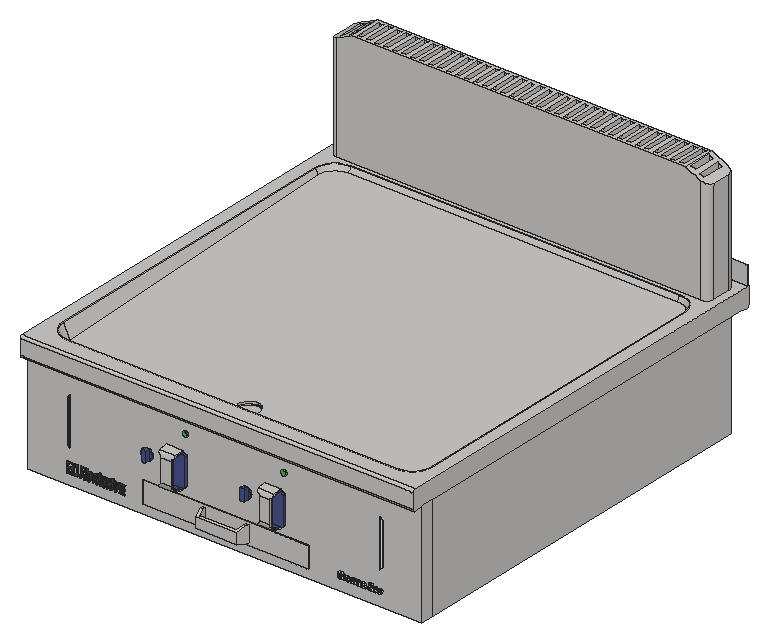
Revit family "QF_ELECTROLUXPROFESSIONAL_593108_MBHMBBHOVO", category Specialty Equipment, Revit 2014 (continued)
Definition of nested family "Front_Panel_W800_Two Knobs_2Spie_Manop"
  Definition of nested family "ELX_ThermaLine_Small"
    Reference planes
      plane 1 "Centro (Fronte/Retro)": y = 0
      plane 2: z = 0
      plane 3 "Centro (Sinistra/Destra)": x = 0
    Forms (mm)
      Extrusion 1, solid
        sketch origin (0, 0, 0) x (1, 0, 0) y (0, 1, 0)
          loop
            line (-1219.2, 1219.2) -> (-1219.2, -1219.2) -> (1219.2, -1219.2) -> (1219.2, 1219.2) -> (-1219.2, 1219.2)
        from 0 to -304.8
      Extrusion 2, solid, material "QF_Finishes_White"
        sketch origin (0, 0, 0) x (1, 0, 0) y (0, 1, 0)
          loop
            line (-37.494, 1.229) -> (-35.908, 1.229) -> (-35.908, 3.066) -> (-37.494, 3.066) -> (-37.494, 6.221) -> (-39.867, 4.881) -> (-39.867, 3.066) -> (-40.969, 3.066) -> (-40.969, 1.229) -> (-39.867, 1.229) -> (-39.867, -3.407)
            arc (-39.867, -3.407) -> (-38.982, -5.513) -> (-36.751, -6.001) r 2.478
            line (-36.751, -6.001) -> (-35.638, -5.7) -> (-35.9, -3.835) -> (-36.661, -4.039)
            arc (-36.661, -4.039) -> (-37.236, -3.924) -> (-37.494, -3.399) r 0.662
            line (-37.494, -3.399) -> (-37.494, 1.229)
          loop
            line (-34.242, 6.539) -> (-34.242, -5.848) -> (-31.854, -5.848) -> (-31.854, -0.078)
            arc (-31.854, -0.078) -> (-30.939, 1.249) -> (-29.33, 1.367) r 1.866
            arc (-29.33, 1.367) -> (-28.695, 0.768) -> (-28.461, -0.073) r 1.627
            line (-28.461, -0.073) -> (-28.461, -5.848) -> (-26.086, -5.848) -> (-26.064, -0.46)
            arc (-26.064, -0.46) -> (-26.261, 0.932) -> (-26.786, 2.237) r 5.825
            arc (-26.786, 2.237) -> (-29.381, 3.264) -> (-31.854, 1.971) r 3.353
            line (-31.854, 1.971) -> (-31.854, 6.539) -> (-34.242, 6.539)
          loop
            arc (-18.398, -0.598) -> (-18.893, 0.879) -> (-20.326, 1.487) r 1.897
            arc (-20.326, 1.487) -> (-21.461, 0.708) -> (-21.897, -0.598) r 2.164
            line (-21.897, -0.598) -> (-18.398, -0.598)
          loop
            arc (-16.021, -2.044) -> (-16.754, 1.227) -> (-19.444, 3.226) r 4.814
            arc (-19.444, 3.226) -> (-22.137, 2.788) -> (-23.943, 0.743) r 4.054
            arc (-23.943, 0.743) -> (-24.382, -1.249) -> (-24.162, -3.276) r 6.289
            arc (-24.162, -3.276) -> (-23.302, -4.71) -> (-21.958, -5.705) r 4.28
            arc (-21.958, -5.705) -> (-18.558, -5.814) -> (-16.152, -3.409) r 4.28
            line (-16.152, -3.409) -> (-18.5, -2.995)
            arc (-18.5, -2.995) -> (-19.273, -3.994) -> (-20.533, -4.076) r 1.536
            arc (-20.533, -4.076) -> (-21.56, -3.281) -> (-21.958, -2.044) r 2.197
            line (-21.958, -2.044) -> (-16.021, -2.044)
          loop
            line (-14.165, -5.848) -> (-11.819, -5.848) -> (-11.819, -2.138)
            arc (-11.819, -2.138) -> (-11.787, -1.156) -> (-11.637, -0.185) r 8.18
            arc (-11.637, -0.185) -> (-10.644, 0.972) -> (-9.132, 0.776) r 1.603
            line (-9.132, 0.776) -> (-8.419, 2.846)
            arc (-8.419, 2.846) -> (-10.432, 3.118) -> (-11.994, 1.821) r 2.527
            line (-11.994, 1.821) -> (-11.994, 3.094) -> (-14.165, 3.094) -> (-14.165, -5.848)
          loop
            line (-7.579, 3.094) -> (-7.579, -5.848) -> (-5.178, -5.848) -> (-5.178, -0.756)
            arc (-5.178, -0.756) -> (-4.727, 0.679) -> (-3.417, 1.419) r 2.05
            arc (-3.417, 1.419) -> (-2.499, 0.908) -> (-2.155, -0.085) r 1.471
            line (-2.155, -0.085) -> (-2.155, -5.848) -> (0.23, -5.848) -> (0.23, -1.001)
            arc (0.23, -1.001) -> (0.47, 0.127) -> (1.148, 1.061) r 2.775
            arc (1.148, 1.061) -> (2.225, 1.329) -> (3.05, 0.587) r 1.182
            arc (3.05, 0.587) -> (3.199, -0.019) -> (3.214, -0.642) r 2.894
            line (3.214, -0.642) -> (3.214, -5.848) -> (5.601, -5.848) -> (5.601, 0.261)
            arc (5.601, 0.261) -> (4.87, 2.263) -> (2.976, 3.241) r 2.932
            arc (2.976, 3.241) -> (1.284, 2.973) -> (-0.047, 1.896) r 3.309
            arc (-0.047, 1.896) -> (-1.116, 2.865) -> (-2.506, 3.258) r 3.16
            arc (-2.506, 3.258) -> (-4.105, 2.942) -> (-5.376, 1.92) r 3.419
            line (-5.376, 1.92) -> (-5.376, 3.094) -> (-7.579, 3.094)
          loop
            line (7.583, 0.738) -> (9.702, 0.364)
            arc (9.702, 0.364) -> (11.441, 1.492) -> (12.855, -0.023) r 1.613
            line (12.855, -0.023) -> (9.782, -0.789)
            arc (9.782, -0.789) -> (8.559, -1.346) -> (7.617, -2.305) r 3.687
            arc (7.617, -2.305) -> (7.499, -3.681) -> (7.901, -5.003) r 3.651
            arc (7.901, -5.003) -> (9.107, -5.766) -> (10.515, -6.006) r 3.635
            arc (10.515, -6.006) -> (11.898, -5.697) -> (13.067, -4.895) r 3.734
            line (13.067, -4.895) -> (13.376, -5.848) -> (15.75, -5.848) -> (15.212, -4.193) -> (15.212, 0.38)
            arc (15.212, 0.38) -> (14.897, 1.849) -> (13.818, 2.895) r 2.585
            arc (13.818, 2.895) -> (11.792, 3.442) -> (9.719, 3.11) r 5.005
            arc (9.719, 3.11) -> (8.369, 2.178) -> (7.583, 0.738) r 3.54
          loop
            line (19.723, -5.848) -> (22.233, -5.848) -> (24.854, 6.484) -> (22.345, 6.484) -> (19.723, -5.848)
          loop
            line (24.583, -5.848) -> (26.953, -5.848) -> (28.848, 3.066) -> (26.478, 3.066) -> (24.583, -5.848)
          loop
            line (27.204, 6.484) -> (26.741, 4.305) -> (29.111, 4.305) -> (29.575, 6.484) -> (27.204, 6.484)
          loop
            line (29.355, -5.848) -> (31.849, -5.848) -> (33.098, 0.028)
            arc (33.098, 0.028) -> (34.169, 1.306) -> (35.832, 1.422) r 2.132
            arc (35.832, 1.422) -> (36.324, 0.752) -> (36.383, -0.078) r 1.5
            line (36.383, -0.078) -> (35.157, -5.848) -> (37.536, -5.848) -> (38.936, 0.738)
            arc (38.936, 0.738) -> (38.775, 2.091) -> (37.825, 3.066) r 2.118
            arc (37.825, 3.066) -> (35.392, 3.175) -> (33.295, 1.937) r 4.271
            line (33.295, 1.937) -> (33.535, 3.066) -> (31.25, 3.066) -> (29.355, -5.848)
          loop
            line (42.792, -0.64) -> (46.589, -0.64)
            arc (46.589, -0.64) -> (46.639, 0.124) -> (46.327, 0.823) r 1.589
            arc (46.327, 0.823) -> (45.117, 1.521) -> (43.762, 1.183) r 1.865
            arc (43.762, 1.183) -> (43.141, 0.344) -> (42.792, -0.64) r 3.538
          loop
            line (42.565, -2.138) -> (48.593, -2.138)
            arc (48.593, -2.138) -> (48.58, 0.597) -> (46.983, 2.818) r 4.494
            arc (46.983, 2.818) -> (44.191, 3.28) -> (41.725, 1.891) r 4.26
            arc (41.725, 1.891) -> (40.503, -0.3) -> (40.284, -2.799) r 6.003
            arc (40.284, -2.799) -> (40.959, -4.468) -> (42.377, -5.576) r 3.482
            arc (42.377, -5.576) -> (44.265, -5.961) -> (46.152, -5.576) r 4.823
            arc (46.152, -5.576) -> (47.432, -4.731) -> (48.328, -3.485) r 4.245
            line (48.328, -3.485) -> (46.168, -3.105)
            arc (46.168, -3.105) -> (45.214, -4.072) -> (43.859, -4.181) r 1.953
            arc (43.859, -4.181) -> (42.821, -3.408) -> (42.565, -2.138) r 1.81
          loop
            line (12.868, -1.553) -> (10.216, -2.214)
            arc (10.216, -2.214) -> (9.747, -3.136) -> (10.216, -4.058) r 1.14
            arc (10.216, -4.058) -> (11.537, -4.249) -> (12.614, -3.46) r 1.763
            arc (12.614, -3.46) -> (12.858, -2.522) -> (12.868, -1.553) r 3.97
        from 0 to 1.6
    Dimensions and locks
      aligned and locked: plane 2 to Extrusion 1
      aligned and locked: level to Extrusion 1
  Definition of nested family "ELX_Professional_Logo_Small"
    Parameters (values of type "ELX_Professional_Logo_Small")
      Show Logo [instance] = yes
      Material_Logo [instance] = QF_Finishes_Black
      Default Elevation = 0 mm
    Reference planes
      plane 1 "Centro (Fronte/Retro)": y = 0
      plane 2: z = 0
      plane 3 "Centro (Sinistra/Destra)": x = 0
    Forms (mm)
      Extrusion 1, solid
        sketch origin (0, 0, 0) x (1, 0, 0) y (0, 1, 0)
          loop
            line (-1219.2, 1219.2) -> (-1219.2, -1219.2) -> (1219.2, -1219.2) -> (1219.2, 1219.2) -> (-1219.2, 1219.2)
        from 0 to -304.8
      Extrusion 2, solid, material "QF_Finishes_Black" <- "Material_Logo"
        sketch origin (15.5, 0, 0) x (1, 0, 0) y (0, 1, 0)
          loop
            spline (-42.99, -1.24) -> (-43.195, -1.231) -> (-43.415, -1.203) -> (-43.642, -1.152) -> (-43.87, -1.074) -> (-44.095, -0.966) -> (-44.309, -0.825) -> (-44.506, -0.647) -> (-44.681, -0.429) -> (-44.828, -0.167) -> (-44.94, 0.142) -> (-45.011, 0.501) -> (-45.037, 0.915)
            line (-45.037, 0.915) -> (-45.037, 2.748) -> (-38.984, 2.748) -> (-38.984, 5.086) -> (-45.038, 5.086) -> (-45.038, 8.489) -> (-38.599, 8.489) -> (-38.599, 10.82) -> (-47.515, 10.82) -> (-47.515, 1.021)
            spline (-47.515, 1.021) -> (-47.493, 0.418) -> (-47.425, -0.15) -> (-47.311, -0.682) -> (-47.15, -1.175) -> (-46.939, -1.628) -> (-46.678, -2.038) -> (-46.365, -2.404) -> (-46, -2.723) -> (-45.58, -2.995) -> (-45.105, -3.216) -> (-44.573, -3.385) -> (-43.983, -3.499)
            line (-43.983, -3.499) -> (-43.01, -3.569) -> (-38.426, -3.569) -> (-38.426, -1.24) -> (-42.99, -1.24)
          loop
            line (-36.666, 4.021) -> (-36.666, -3.573) -> (-34.188, -3.573) -> (-34.188, 10.824) -> (-36.666, 10.824) -> (-36.666, 4.021)
          loop
            spline (-21.915, 1.897) -> (-21.957, 2.615) -> (-22.082, 3.303) -> (-22.285, 3.955) -> (-22.563, 4.564) -> (-22.913, 5.124) -> (-23.331, 5.629) -> (-23.814, 6.074) -> (-24.359, 6.451) -> (-24.961, 6.755) -> (-25.618, 6.98) -> (-26.326, 7.119) -> (-27.081, 7.167)
            spline (-27.081, 7.167) -> (-27.853, 7.122) -> (-28.586, 6.99) -> (-29.275, 6.774) -> (-29.915, 6.478) -> (-30.5, 6.104) -> (-31.024, 5.657) -> (-31.483, 5.138) -> (-31.871, 4.553) -> (-32.182, 3.904) -> (-32.411, 3.194) -> (-32.552, 2.427) -> (-32.6, 1.606)
            spline (-32.6, 1.606) -> (-32.553, 0.805) -> (-32.416, 0.057) -> (-32.193, -0.637) -> (-31.887, -1.271) -> (-31.504, -1.843) -> (-31.048, -2.35) -> (-30.523, -2.788) -> (-29.934, -3.154) -> (-29.284, -3.444) -> (-28.579, -3.656) -> (-27.822, -3.785) -> (-27.019, -3.829)
            spline (-27.019, -3.829) -> (-26.627, -3.82) -> (-26.239, -3.79) -> (-25.856, -3.739) -> (-25.477, -3.663) -> (-25.103, -3.562) -> (-24.734, -3.432) -> (-24.369, -3.273) -> (-24.01, -3.082) -> (-23.655, -2.858) -> (-23.305, -2.597) -> (-22.96, -2.299) -> (-22.621, -1.962)
            line (-22.621, -1.962) -> (-24.114, -0.509)
            spline (-24.114, -0.509) -> (-24.311, -0.699) -> (-24.509, -0.872) -> (-24.71, -1.03) -> (-24.915, -1.172) -> (-25.126, -1.297) -> (-25.346, -1.407) -> (-25.576, -1.5) -> (-25.817, -1.576) -> (-26.072, -1.636) -> (-26.342, -1.678) -> (-26.629, -1.704) -> (-26.936, -1.713)
            spline (-26.936, -1.713) -> (-27.384, -1.691) -> (-27.805, -1.625) -> (-28.196, -1.518) -> (-28.556, -1.372) -> (-28.882, -1.187) -> (-29.174, -0.966) -> (-29.429, -0.71) -> (-29.645, -0.422) -> (-29.821, -0.102) -> (-29.955, 0.247) -> (-30.045, 0.623) -> (-30.089, 1.026)
            line (-30.089, 1.026) -> (-21.956, 1.026) -> (-21.915, 1.897)
          loop
            spline (-24.446, 2.769) -> (-24.47, 3.075) -> (-24.54, 3.37) -> (-24.654, 3.65) -> (-24.807, 3.913) -> (-24.996, 4.156) -> (-25.219, 4.376) -> (-25.472, 4.57) -> (-25.753, 4.736) -> (-26.057, 4.869) -> (-26.382, 4.968) -> (-26.724, 5.03) -> (-27.081, 5.051)
            spline (-27.081, 5.051) -> (-27.464, 5.03) -> (-27.832, 4.97) -> (-28.183, 4.872) -> (-28.513, 4.74) -> (-28.819, 4.577) -> (-29.099, 4.384) -> (-29.347, 4.165) -> (-29.563, 3.923) -> (-29.742, 3.659) -> (-29.881, 3.377) -> (-29.977, 3.079) -> (-30.027, 2.769)
            line (-30.027, 2.769) -> (-24.446, 2.769)
          loop
            spline (-18.167, 1.669) -> (-18.138, 2.13) -> (-18.055, 2.567) -> (-17.921, 2.978) -> (-17.739, 3.358) -> (-17.512, 3.705) -> (-17.243, 4.016) -> (-16.937, 4.287) -> (-16.596, 4.517) -> (-16.223, 4.7) -> (-15.823, 4.835) -> (-15.398, 4.919) -> (-14.951, 4.947)
            spline (-14.951, 4.947) -> (-14.677, 4.938) -> (-14.414, 4.913) -> (-14.162, 4.871) -> (-13.921, 4.812) -> (-13.69, 4.738) -> (-13.467, 4.649) -> (-13.254, 4.544) -> (-13.048, 4.424) -> (-12.85, 4.291) -> (-12.659, 4.143) -> (-12.474, 3.981) -> (-12.295, 3.806)
            line (-12.295, 3.806) -> (-10.76, 5.403)
            spline (-10.76, 5.403) -> (-11.065, 5.709) -> (-11.38, 5.984) -> (-11.703, 6.228) -> (-12.035, 6.443) -> (-12.375, 6.63) -> (-12.723, 6.788) -> (-13.078, 6.92) -> (-13.44, 7.026) -> (-13.809, 7.107) -> (-14.184, 7.164) -> (-14.564, 7.198) -> (-14.951, 7.209)
            spline (-14.951, 7.209) -> (-15.725, 7.161) -> (-16.467, 7.02) -> (-17.169, 6.792) -> (-17.826, 6.482) -> (-18.43, 6.096) -> (-18.976, 5.637) -> (-19.455, 5.112) -> (-19.862, 4.525) -> (-20.19, 3.882) -> (-20.433, 3.189) -> (-20.584, 2.449) -> (-20.635, 1.669)
            spline (-20.635, 1.669) -> (-20.584, 0.889) -> (-20.433, 0.149) -> (-20.19, -0.545) -> (-19.862, -1.187) -> (-19.455, -1.774) -> (-18.976, -2.299) -> (-18.43, -2.758) -> (-17.826, -3.145) -> (-17.169, -3.454) -> (-16.467, -3.682) -> (-15.725, -3.823) -> (-14.951, -3.871)
            spline (-14.951, -3.871) -> (-14.564, -3.86) -> (-14.184, -3.826) -> (-13.809, -3.77) -> (-13.44, -3.689) -> (-13.078, -3.583) -> (-12.723, -3.451) -> (-12.375, -3.292) -> (-12.035, -3.105) -> (-11.703, -2.89) -> (-11.38, -2.646) -> (-11.065, -2.371) -> (-10.76, -2.066)
            line (-10.76, -2.066) -> (-12.295, -0.468)
            spline (-12.295, -0.468) -> (-12.474, -0.643) -> (-12.659, -0.805) -> (-12.85, -0.953) -> (-13.048, -1.087) -> (-13.254, -1.206) -> (-13.467, -1.311) -> (-13.69, -1.4) -> (-13.921, -1.475) -> (-14.162, -1.533) -> (-14.414, -1.575) -> (-14.677, -1.6) -> (-14.951, -1.609)
            spline (-14.951, -1.609) -> (-15.398, -1.581) -> (-15.823, -1.497) -> (-16.223, -1.362) -> (-16.596, -1.179) -> (-16.937, -0.95) -> (-17.243, -0.678) -> (-17.512, -0.367) -> (-17.739, -0.02) -> (-17.921, 0.36) -> (-18.055, 0.771) -> (-18.138, 1.208) -> (-18.167, 1.669)
          loop
            spline (-4.441, -1.243) -> (-4.659, -1.247) -> (-4.894, -1.23) -> (-5.137, -1.19) -> (-5.384, -1.121) -> (-5.628, -1.021) -> (-5.864, -0.884) -> (-6.084, -0.708) -> (-6.283, -0.488) -> (-6.454, -0.219) -> (-6.592, 0.101) -> (-6.69, 0.478) -> (-6.742, 0.914)
            line (-6.742, 0.914) -> (-6.742, 4.587) -> (-4.487, 4.587) -> (-4.487, 6.838) -> (-6.738, 6.838) -> (-6.738, 10.824) -> (-9.217, 10.824) -> (-9.217, 0.773)
            spline (-9.217, 0.773) -> (-9.164, 0.19) -> (-9.068, -0.358) -> (-8.928, -0.87) -> (-8.742, -1.343) -> (-8.511, -1.777) -> (-8.232, -2.168) -> (-7.904, -2.515) -> (-7.527, -2.816) -> (-7.098, -3.069) -> (-6.618, -3.273) -> (-6.084, -3.426) -> (-5.496, -3.525)
            line (-5.496, -3.525) -> (-4.45, -3.573) -> (-4.441, -1.243)
          loop
            spline (3.898, 6.983) -> (3.469, 7.009) -> (3.056, 7.001) -> (2.661, 6.961) -> (2.283, 6.888) -> (1.925, 6.785) -> (1.588, 6.652) -> (1.272, 6.49) -> (0.979, 6.301) -> (0.71, 6.085) -> (0.465, 5.844) -> (0.247, 5.578) -> (0.056, 5.289)
            line (0.056, 5.289) -> (0.056, 6.838) -> (-2.402, 6.838) -> (-2.402, -3.572) -> (0.056, -3.572) -> (0.056, 1.901)
            spline (0.056, 1.901) -> (0.079, 2.316) -> (0.145, 2.703) -> (0.254, 3.06) -> (0.404, 3.386) -> (0.592, 3.679) -> (0.818, 3.938) -> (1.08, 4.162) -> (1.375, 4.348) -> (1.703, 4.495) -> (2.062, 4.602) -> (2.45, 4.668) -> (2.865, 4.69)
            line (2.865, 4.69) -> (3.898, 4.586) -> (3.898, 6.983)
          loop
            spline (15.638, 1.633) -> (15.586, 2.396) -> (15.435, 3.124) -> (15.192, 3.81) -> (14.863, 4.449) -> (14.455, 5.034) -> (13.975, 5.56) -> (13.43, 6.021) -> (12.826, 6.411) -> (12.17, 6.724) -> (11.469, 6.955) -> (10.729, 7.098) -> (9.958, 7.147)
            spline (9.958, 7.147) -> (9.182, 7.098) -> (8.44, 6.955) -> (7.737, 6.724) -> (7.081, 6.411) -> (6.477, 6.021) -> (5.933, 5.56) -> (5.454, 5.034) -> (5.048, 4.449) -> (4.721, 3.81) -> (4.479, 3.124) -> (4.329, 2.396) -> (4.277, 1.633)
            spline (4.277, 1.633) -> (4.329, 0.869) -> (4.479, 0.141) -> (4.721, -0.544) -> (5.048, -1.183) -> (5.454, -1.768) -> (5.933, -2.294) -> (6.477, -2.755) -> (7.081, -3.145) -> (7.737, -3.459) -> (8.44, -3.69) -> (9.182, -3.833) -> (9.958, -3.882)
            spline (9.958, -3.882) -> (10.729, -3.833) -> (11.469, -3.69) -> (12.17, -3.459) -> (12.826, -3.145) -> (13.43, -2.755) -> (13.975, -2.294) -> (14.455, -1.768) -> (14.863, -1.183) -> (15.192, -0.544) -> (15.435, 0.141) -> (15.586, 0.869) -> (15.638, 1.633)
          loop
            spline (13.18, 1.633) -> (13.151, 2.083) -> (13.067, 2.513) -> (12.932, 2.918) -> (12.748, 3.296) -> (12.52, 3.642) -> (12.251, 3.954) -> (11.943, 4.227) -> (11.601, 4.459) -> (11.228, 4.645) -> (10.828, 4.782) -> (10.403, 4.867) -> (9.958, 4.896)
            spline (9.958, 4.896) -> (9.509, 4.867) -> (9.081, 4.782) -> (8.679, 4.645) -> (8.306, 4.459) -> (7.964, 4.227) -> (7.658, 3.954) -> (7.39, 3.642) -> (7.163, 3.296) -> (6.981, 2.918) -> (6.847, 2.513) -> (6.765, 2.083) -> (6.736, 1.633)
            spline (6.736, 1.633) -> (6.765, 1.182) -> (6.847, 0.753) -> (6.981, 0.347) -> (7.163, -0.031) -> (7.39, -0.377) -> (7.658, -0.689) -> (7.964, -0.962) -> (8.306, -1.193) -> (8.679, -1.38) -> (9.081, -1.517) -> (9.509, -1.602) -> (9.958, -1.631)
            spline (9.958, -1.631) -> (10.403, -1.602) -> (10.828, -1.517) -> (11.228, -1.38) -> (11.601, -1.193) -> (11.943, -0.962) -> (12.251, -0.689) -> (12.52, -0.377) -> (12.748, -0.031) -> (12.932, 0.347) -> (13.067, 0.753) -> (13.151, 1.182) -> (13.18, 1.633)
          loop
            line (17.162, 4.269) -> (17.162, -3.573) -> (19.642, -3.573) -> (19.642, 10.824) -> (17.162, 10.824) -> (17.162, 4.269)
          loop
            line (28.581, 6.838) -> (28.581, 0.786)
            spline (28.581, 0.786) -> (28.561, 0.393) -> (28.503, 0.038) -> (28.409, -0.279) -> (28.281, -0.559) -> (28.122, -0.802) -> (27.933, -1.011) -> (27.717, -1.185) -> (27.476, -1.325) -> (27.213, -1.433) -> (26.929, -1.509) -> (26.626, -1.554) -> (26.308, -1.569)
            spline (26.308, -1.569) -> (25.99, -1.554) -> (25.688, -1.509) -> (25.404, -1.434) -> (25.141, -1.326) -> (24.9, -1.187) -> (24.684, -1.014) -> (24.496, -0.807) -> (24.336, -0.565) -> (24.209, -0.288) -> (24.115, 0.026) -> (24.057, 0.376) -> (24.037, 0.765)
            line (24.037, 0.765) -> (24.037, 6.838) -> (21.537, 6.838) -> (21.537, 0.558)
            spline (21.537, 0.558) -> (21.581, -0.153) -> (21.71, -0.8) -> (21.916, -1.384) -> (22.195, -1.904) -> (22.54, -2.362) -> (22.944, -2.757) -> (23.403, -3.09) -> (23.909, -3.362) -> (24.456, -3.572) -> (25.04, -3.722) -> (25.652, -3.811) -> (26.288, -3.841)
            spline (26.288, -3.841) -> (26.929, -3.811) -> (27.547, -3.72) -> (28.135, -3.568) -> (28.687, -3.355) -> (29.197, -3.079) -> (29.66, -2.741) -> (30.068, -2.341) -> (30.415, -1.877) -> (30.696, -1.349) -> (30.905, -0.757) -> (31.034, -0.101) -> (31.079, 0.621)
            line (31.079, 0.621) -> (31.079, 6.838) -> (28.581, 6.838)
          loop
            line (40.457, -0.243) -> (38.894, 1.942) -> (40.83, 4.579) -> (42.488, 6.837) -> (39.782, 6.837) -> (37.53, 3.719) -> (35.258, 6.837) -> (32.573, 6.837) -> (34.113, 4.731) -> (36.167, 1.922) -> (34.014, -1.076) -> (32.222, -3.573) -> (34.887, -3.573) -> (37.53, 0.104) -> (40.174, -3.573) -> (42.839, -3.573) -> (40.457, -0.243)
          loop
            line (-46.121, -5.837) -> (-48.039, -5.837) -> (-48.039, -10.814) -> (-47.016, -10.814) -> (-47.016, -9.128) -> (-46.121, -9.128)
            arc (-46.121, -9.128) -> (-44.476, -7.482) -> (-46.121, -5.837) r 1.645
          loop
            line (-46.163, -6.778) -> (-47.016, -6.778) -> (-47.016, -8.187) -> (-46.163, -8.187)
            arc (-46.163, -8.187) -> (-45.458, -7.482) -> (-46.163, -6.778) r 0.704
          loop
            line (-38.313, -5.837) -> (-40.265, -5.837) -> (-40.265, -10.814) -> (-39.241, -10.814) -> (-39.241, -9.1) -> (-38.46, -9.182) -> (-37.48, -10.814) -> (-36.318, -10.814) -> (-37.513, -8.848)
            arc (-37.513, -8.848) -> (-36.888, -8.266) -> (-36.671, -7.441) r 1.536
            arc (-36.671, -7.441) -> (-37.165, -6.305) -> (-38.313, -5.837) r 1.643
          loop
            arc (-38.402, -8.166) -> (-37.707, -7.505) -> (-38.334, -6.778) r 0.696
            line (-38.334, -6.778) -> (-39.241, -6.778) -> (-39.241, -8.166) -> (-38.402, -8.166)
          loop
            circle (-29.965, -8.325) r 2.585
          loop
            circle (-29.965, -8.325) r 1.64
          loop
            line (-23.1, -5.837) -> (-23.1, -10.814) -> (-22.076, -10.814) -> (-22.076, -8.768) -> (-20.204, -8.768) -> (-20.204, -7.828) -> (-22.076, -7.828) -> (-22.076, -6.778) -> (-20.024, -6.778) -> (-20.024, -5.837) -> (-23.1, -5.837)
          loop
            line (-15.802, -5.837) -> (-15.802, -9.2)
            arc (-15.802, -9.2) -> (-15.343, -10.34) -> (-14.209, -10.814) r 1.593
            line (-14.209, -10.814) -> (-12.602, -10.814) -> (-12.602, -10.027) -> (-14.004, -10.027)
            arc (-14.004, -10.027) -> (-14.552, -9.8) -> (-14.779, -9.252) r 0.775
            line (-14.779, -9.252) -> (-14.779, -8.424) -> (-12.789, -8.424) -> (-12.789, -7.642) -> (-14.779, -7.642) -> (-14.779, -6.778) -> (-12.651, -6.778) -> (-12.651, -5.837) -> (-15.802, -5.837)
          loop
            line (-5.909, -7.143) -> (-5.173, -6.638)
            arc (-5.173, -6.638) -> (-5.855, -5.974) -> (-6.781, -5.755) r 1.782
            arc (-6.781, -5.755) -> (-7.397, -5.878) -> (-7.944, -6.189) r 1.974
            arc (-7.944, -6.189) -> (-8.202, -6.5) -> (-8.317, -6.888) r 1.013
            arc (-8.317, -6.888) -> (-8.306, -7.341) -> (-8.192, -7.78) r 1.985
            arc (-8.192, -7.78) -> (-7.749, -8.259) -> (-7.171, -8.563) r 1.928
            arc (-7.171, -8.563) -> (-6.637, -8.779) -> (-6.131, -9.056) r 5.041
            arc (-6.131, -9.056) -> (-5.934, -9.387) -> (-6.09, -9.74) r 0.42
            arc (-6.09, -9.74) -> (-6.631, -9.96) -> (-7.204, -9.845) r 1.016
            arc (-7.204, -9.845) -> (-7.625, -9.603) -> (-7.889, -9.196) r 1.033
            line (-7.889, -9.196) -> (-8.67, -9.686)
            arc (-8.67, -9.686) -> (-8.361, -10.198) -> (-7.908, -10.589) r 1.914
            arc (-7.908, -10.589) -> (-7.334, -10.834) -> (-6.714, -10.896) r 2.063
            arc (-6.714, -10.896) -> (-5.947, -10.743) -> (-5.256, -10.376) r 2.696
            arc (-5.256, -10.376) -> (-4.95, -9.565) -> (-5.108, -8.712) r 1.618
            arc (-5.108, -8.712) -> (-5.448, -8.319) -> (-5.884, -8.035) r 1.876
            arc (-5.884, -8.035) -> (-6.434, -7.789) -> (-6.999, -7.577) r 9.883
            arc (-6.999, -7.577) -> (-7.325, -7.07) -> (-6.854, -6.694) r 0.45
            arc (-6.854, -6.694) -> (-6.329, -6.809) -> (-5.909, -7.143) r 1.197
          loop
            line (1.61, -7.143) -> (2.345, -6.638)
            arc (2.345, -6.638) -> (1.663, -5.974) -> (0.737, -5.755) r 1.782
            arc (0.737, -5.755) -> (0.121, -5.878) -> (-0.425, -6.189) r 1.974
            arc (-0.425, -6.189) -> (-0.683, -6.5) -> (-0.799, -6.888) r 1.013
            arc (-0.799, -6.888) -> (-0.788, -7.341) -> (-0.674, -7.78) r 1.985
            arc (-0.674, -7.78) -> (-0.231, -8.259) -> (0.347, -8.563) r 1.928
            arc (0.347, -8.563) -> (0.881, -8.779) -> (1.387, -9.056) r 5.041
            arc (1.387, -9.056) -> (1.584, -9.387) -> (1.428, -9.74) r 0.42
            arc (1.428, -9.74) -> (0.887, -9.96) -> (0.314, -9.845) r 1.016
            arc (0.314, -9.845) -> (-0.107, -9.603) -> (-0.371, -9.196) r 1.033
            line (-0.371, -9.196) -> (-1.152, -9.686)
            arc (-1.152, -9.686) -> (-0.842, -10.198) -> (-0.39, -10.589) r 1.914
            arc (-0.39, -10.589) -> (0.184, -10.834) -> (0.804, -10.896) r 2.063
            arc (0.804, -10.896) -> (1.572, -10.743) -> (2.263, -10.376) r 2.696
            arc (2.263, -10.376) -> (2.568, -9.565) -> (2.411, -8.712) r 1.618
            arc (2.411, -8.712) -> (2.07, -8.319) -> (1.635, -8.035) r 1.876
            arc (1.635, -8.035) -> (1.084, -7.789) -> (0.519, -7.577) r 9.883
            arc (0.519, -7.577) -> (0.193, -7.07) -> (0.665, -6.694) r 0.45
            arc (0.665, -6.694) -> (1.189, -6.809) -> (1.61, -7.143) r 1.197
          loop
            line (6.801, -5.837) -> (6.801, -10.814) -> (7.825, -10.814) -> (7.825, -5.837) -> (6.801, -5.837)
          loop
            circle (14.724, -8.325) r 1.548
          loop
            circle (14.724, -8.325) r 2.585
          loop
            line (21.59, -10.814) -> (22.623, -10.814) -> (22.623, -7.685) -> (24.9, -10.814) -> (25.895, -10.814) -> (25.895, -5.837) -> (24.861, -5.837) -> (24.861, -9.061) -> (22.585, -5.837) -> (21.59, -5.837) -> (21.59, -10.814)
          loop
            line (31.054, -10.814) -> (31.539, -9.74) -> (33.38, -9.74) -> (33.865, -10.814) -> (34.965, -10.814) -> (32.46, -5.837) -> (29.956, -10.814) -> (31.054, -10.814)
          loop
            line (32.46, -7.698) -> (31.999, -8.719) -> (32.921, -8.719) -> (32.46, -7.698)
          loop
            line (40.047, -9.873) -> (40.047, -5.837) -> (39.024, -5.837) -> (39.024, -10.814) -> (41.961, -10.814) -> (41.961, -9.873) -> (40.047, -9.873)
          loop
            line (-74.986, -10.814) -> (-53.322, -10.814) -> (-53.322, 10.82) -> (-74.986, 10.82) -> (-74.986, -10.814)
          loop
            line (-61.261, 9.758) -> (-61.261, -9.707)
            arc (-61.261, -9.707) -> (-54.066, 0.025) -> (-61.261, 9.758) r 10.18
          loop
            line (-62.251, 8.349) -> (-62.251, 9.758)
            arc (-62.251, 9.758) -> (-70.347, 7.918) -> (-74.247, 0.59) r 9.976
            line (-74.247, 0.59) -> (-71.026, 0.59)
            arc (-71.026, 0.59) -> (-65.274, 2.925) -> (-62.251, 8.349) r 9.351
          loop
            arc (-74.247, -0.539) -> (-70.353, -7.928) -> (-62.251, -9.957) r 10.237
            line (-62.251, -9.957) -> (-62.251, -8.298)
            arc (-62.251, -8.298) -> (-65.274, -2.874) -> (-71.026, -0.539) r 9.351
            line (-71.026, -0.539) -> (-74.247, -0.539)
        from 0 to 1.644
    Dimensions and locks
      aligned and locked: plane 2 to Extrusion 1
      aligned and locked: level to Extrusion 1
